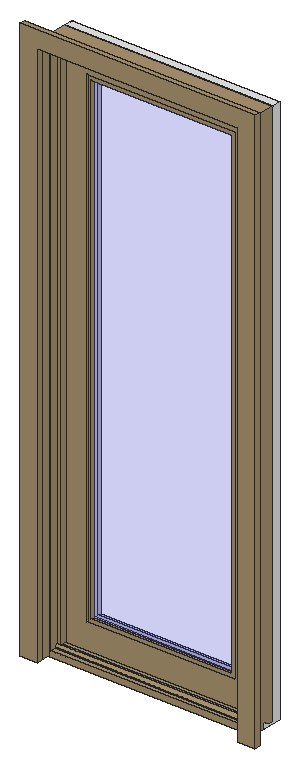
Revit family "Door-Out-Swing-Pella-Architect-Contemporary-Single-RT3", category Doors, host Wall, Revit 2013
Parameters (values of type "default load type catalog")
  Warranty = "https://content.pella.com/cs/groups/public/documents/document/mdaw/mde3/~edisp/pel-017828.pdf?_ga=1.89380059.1797906072.1467308852"
  Wall Thickness [instance] = 0' - 6"
  Vertical Mullions = if(and(Traditional Lites Wide < Max Lites, Traditional Lites Wide > 2), Traditional Lites Wide - 1, if(or(Traditional Lites Wide = Max Lites, Traditional Lites Wide > Max Lites), Max Lites - 1, 2))  # 2
  Vertical Grille Spacing = Panel Grille Width / (Vertical Mullions + 1)  # 0' - 8 1/8"
  Vertical Grille Offset = Vertical Grille Spacing  # 0' - 8 1/8"
  URL = "http://professional.pella.com"
  Type Comments = if(Fixed, "One Panel; Fixed", "One Panel; Vent")  # "One Panel; Fixed"
  Trim = yes
  Traditional Lites Wide = 2
  Traditional Lites High = 2
  Traditional Grille Vertical Array = and(Traditional Lites Wide > 2, Traditional Grille)  # no
  Traditional Grille Single Vertical = and(Traditional Lites Wide = 2, Traditional Grille)  # no
  Traditional Grille Horizontal Array = and(Traditional Lites High > 2, Traditional Grille)  # no
  Traditional Grille = no
  Traditioinal Grille Single Horizontal = and(Traditional Lites High = 2, Traditional Grille)  # no
  Thickness = 0' - 5 55/64"  # constant formula
  Specification = "http://media.pella.com/professional/adm/Wood-CSI_Specs/08213.rtf"
  Sill Height = 0' - 5 7/8"  # constant formula
  Rough Width = Width + 0' 0 3/4"  # 3' - 0 3/4"
  Rough Height = Height + 0' 0 3/4"  # 8' - 0 3/4"
  Requested Width = 3' - 0"
  Requested Height = 8' - 0"
  Product Page URL = "http://professional.pella.com/doors/product-details/out-swing-patio-architect"
  Product Name = "Architect Series"  # constant formula
  Product Documentation Link = "http://media.pella.com/professional/adm/Clad-Wood/OS_ASCWSZTAB.pdf"
  Prairie Offset = 0' - 3 11/16"  # constant formula
  Prairie Grille = no
  Panel Width = Width - 0' 2 1/8"  # 2' - 9 7/8"
  Panel Grille Width = Width - 0' 11 5/8"  # 2' - 0 3/8"
  Operation = if(Fixed, "Fixed", "Out-Swing")  # "Fixed"
  Operable = not(Fixed)  # no
  Model = if(Fixed, "Contemporary Fixed X", "Contemporary Operable O")  # "Contemporary Fixed X"
  Min Width = 2' - 1 3/8"  # constant formula
  Min Height = 6' - 7 1/2"  # constant formula
  Max Width = 3' - 1 7/8"  # constant formula
  Max Lites = 10  # constant formula
  Max Height = 9' - 11 1/2"  # constant formula
  Manufacturer = "Pella"  # constant formula
  Jamb Extensions = yes
  Jamb Extensions Depth [instance] = if(Jamb Extensions Calc > 0' 0 1/8", Jamb Extensions Calc, 0' 0 1/8")  # 0' - 1 7/16"
  Jamb Extensions Calc [instance] = if(Offset > 0' 0", Wall Thickness - 0' 4 9/16" + Offset, Wall Thickness - 0' 4 9/16" - Inset)  # 0' - 1 7/16"
  Interior Sill = Wood-Pella-Interior_Sill
  Offset = 0' - 0"
  Nail Fin = yes
  Interior Finish = Wood-Pella-Pine
  Inset = 0' - 0"
  Horizontal Mullions = if(and(Traditional Lites High < Max Lites, Traditional Lites High > 3), Traditional Lites High - 1, if(or(Traditional Lites High = Max Lites, Traditional Lites High > Max Lites), Max Lites - 1, 2))  # 2
  Horizontal Grille Spacing = Grille Height / (Horizontal Mullions + 1)  # 2' - 3 15/16"
  Horizontal Grille Offset = Horizontal Grille Spacing  # 2' - 3 15/16"
  Grille Width = 0' - 0 7/8"  # constant formula
  Grille Height = Height - (Sill Height + 0' 6 5/16")  # 6' - 11 13/16"
  Glass Thickness = 0' - 0 103/128"  # constant formula
  Glass = Glass-Pella-Low_E-Argon
  Function = Interior
  Frame Projection Ext. = 0' - 1"
  Frame Projection Int. = 0' - 1"
  Frame Width = 0' - 3"
  Height = if(and(Requested Height < Max Height, Requested Height > Min Height), Requested Height, if(or(Requested Height = Max Height, Requested Height > Max Height), Max Height, Min Height))  # 8' - 0"
  Wall Closure = By host
  Width = if(and(Requested Width < Max Width, Requested Width > Min Width), Requested Width, if(or(Requested Width = Max Width, Requested Width > Max Width), Max Width, Min Width))  # 3' - 0"
  Fixed = yes
  Exterior Finish = Aluminum-Pella-EnduraClad-White
  Energy Star = "http://www.pella.com/features-options/energy-efficiency/energy-star/"
  Description = if(Fixed, "Fixed Patio Door", "Out-Swing Patio Door")  # "Fixed Patio Door"
  Assembly Code = "B2030130"
Reference planes (in)
  plane 1 "Center (Front/Back)": y = 0
  plane 2 "Center (Left/Right)": x = 0
  plane 3 "Left": x = -18
  plane 4 "Right": x = 18
  plane 5 "Top": z = 96
  plane 6 "Exterior": y = 3
  plane 7 "Interior": y = -3
  plane 8 "Nail Fin": y = 3
  plane 9 "Front": y = 4.29609
  plane 10 "Back": y = -1.56329
  plane 11 "Inset": y = 3
  plane 12 "Glass Left": x = -12.68812
  plane 13 "Glass Right": x = 12.68812
  plane 14 "Grille Left": x = -12.18762
  plane 15 "Grille Right": x = 12.18762
  plane 16 "Glass Bottom": z = 5.875
  plane 17 "Grille Bottom": z = 6.3755
  plane 18 "Glass Top": z = 90.68812
  plane 19 "Grille Top": z = 90.18762
  plane 20 "Glass Front": y = 2.57609
  plane 21 "Glass Back": y = 1.7714
  plane 22 "Jamb Extensions": y = -1.5625
  plane 23 "Front of Panel": y = 3.18973
Forms (in)
  Extrusion 1, solid, material "Wood-Pella-Pine" <- "Interior Finish", visible <- "Trim"
    sketch origin (-90, -3, 0) x (1, 0, 0) y (0, 0, 1)
      loop
        line (72.625, 0) -> (72.625, 95.375) -> (107.375, 95.375) -> (107.375, 0) -> (110.375, 0) -> (110.375, 98.375) -> (69.625, 98.375) -> (69.625, 0) -> (72.625, 0)
    from 0 to 1
  Extrusion 2, solid, material "Wood-Pella-Pine" <- "Interior Finish", detail levels medium+fine
    sketch origin (0, 0, 0) x (0, 1, 0) y (0, 0, 1)
      loop
        line (-1.56329, 0) -> (0.83279, 0) -> (0.83279, 1.523) -> (0.21469, 1.523) -> (0.06871, 1.633) -> (-0.30629, 1.633) -> (-0.72029, 1.219) -> (-0.72029, 1) -> (-1.56329, 1) -> (-1.56329, 0)
    from -18 to 18
  Extrusion 3, solid, material "Aluminum-Pella-EnduraClad-White" <- "Exterior Finish", detail levels medium+fine
    sketch origin (0, 0, 0) x (0, 1, 0) y (0, 0, 1)
      loop
        line (4.29609, 0) -> (4.29609, 0.3) -> (1.9129, 0.3) -> (1.0619, 0.926) -> (0.83279, 0.926) -> (0.83279, 0) -> (4.29609, 0)
    from -18 to 18
  Extrusion 4, solid, material "Aluminum-Pella-EnduraClad-White" <- "Exterior Finish", visible <- "Fixed", detail levels fine
    sketch origin (0, 0, 0) x (0, 1, 0) y (0, 0, 1)
      loop
        line (2.62512, 0.31648) -> (2.62512, 1.1875) -> (1.65858, 1.1875) -> (1.65858, 0.31648) -> (2.62512, 0.31648)
    from -16.93842 to 16.93842
  Extrusion 5, solid, material "Wood-Pella-Pine" <- "Interior Finish", detail levels medium+fine
    sketch origin (0, 0, 0) x (0, 1, 0) y (0, 0, 1)
      loop
        line (1.12271, 1.1875) -> (2.59968, 1.1875) -> (2.59968, 5.6975) -> (1.75671, 5.6975) -> (1.75671, 6.37635) -> (1.22471, 6.34847) -> (1.22471, 5.6975) -> (1.12271, 5.6975) -> (1.12271, 1.1875)
    from -16.77933 to 16.77933
  Extrusion 6, solid, material "Aluminum-Pella-EnduraClad-White" <- "Exterior Finish", detail levels medium+fine
    sketch origin (0, 0, 0) x (0, 1, 0) y (0, 0, 1)
      loop
        line (2.59968, 1.1875) -> (3.18973, 1.1875) -> (3.18973, 6.3755) -> (2.59968, 6.3755) -> (2.59968, 1.1875)
    from -16.77933 to 16.77933
  Sweep 7, solid, material "Wood-Pella-Pine" <- "Interior Finish", detail levels medium+fine
    path origin (0, 4.29609, 0) x (-1, 0, 0) y (0, 0, 1)
      loop
        line (18, 0) -> (18, 96) -> (-18, 96) -> (-18, 0)
    profile origin (-18, 4.29609, 48) x (1, 0, 0) y (0, 1, 0)
      loop
        line (0, -5.85937) -> (1.06158, -5.85937) -> (1.06158, -4.60574) -> (1.657, -4.60574) -> (1.657, -3.48074) -> (1.06158, -3.48074) -> (1.06158, -1.53449) -> (0, -1.53449) -> (0, -5.85937)
  Sweep 8, solid, material "Wood-Pella-Pine" <- "Interior Finish", detail levels medium+fine
    path origin (0, 4.29609, 0) x (-1, 0, 0) y (0, 0, 1)
      loop
        line (18, 1.1875) -> (18, 96) -> (-18, 96) -> (-18, 1.1875)
    profile origin (-18, 4.29609, 48.59375) x (1, 0, 0) y (0, 1, 0)
      loop
        line (1.22067, -3.17337) -> (5.13438, -3.17337) -> (5.13438, -3.07341) -> (5.78535, -3.07341) -> (5.81323, -2.54141) -> (5.13438, -2.54141) -> (5.13438, -1.69844) -> (1.22067, -1.69844) -> (1.22067, -3.17337)
  Sweep 9, solid, material "Aluminum-Pella-EnduraClad-White" <- "Exterior Finish", detail levels medium+fine
    path origin (0, 4.29609, 0) x (-1, 0, 0) y (0, 0, 1)
      loop
        line (18, 1.1875) -> (18, 96) -> (-18, 96) -> (-18, 1.1875)
    profile origin (-18, 4.29609, 48.59375) x (1, 0, 0) y (0, 1, 0)
      loop
        line (1.22067, -1.69641) -> (5.81238, -1.69641) -> (5.81238, -1.10887) -> (1.22067, -1.10887) -> (1.22067, -1.69641)
  Sweep 10, solid, material "Aluminum-Pella-EnduraClad-White" <- "Exterior Finish", detail levels medium+fine
    path origin (0, 4.29609, 0) x (-1, 0, 0) y (0, 0, 1)
      loop
        line (18, 0) -> (18, 96) -> (-18, 96) -> (-18, 0)
    profile origin (-18, 4.29609, 48) x (1, 0, 0) y (0, 1, 0)
      loop
        line (1.06158, -1.53449) -> (1.06158, -1.11236) -> (0.79016, -1.11236) -> (0.79016, -0.05585) -> (0.56008, -0.05585) -> (0.3844, 0) -> (0.197, 0) -> (0.197, -0.39299) -> (0.09, -0.39299) -> (0.09, -0.03953) -> (0, -0.03953) -> (0, -1.53449) -> (1.06158, -1.53449)
  Extrusion 11, solid, material "Glass-Pella-Low_E-Argon" <- "Glass"
    sketch origin (0, 0, 0) x (1, 0, 0) y (0, 1, 0)
      loop
        line (-12.68812, 1.7714) -> (12.68812, 1.7714) -> (12.68812, 2.57609) -> (-12.68812, 2.57609) -> (-12.68812, 1.7714)
    from 5.875 to 90.68812
  Extrusion 12, solid, material "Aluminum-Pella-EnduraClad-White" <- "Exterior Finish", detail levels coarse
    sketch origin (0, 2.57609, 0) x (-1, 0, 0) y (0, 0, 1)
      loop
        line (-18, 0) -> (18, 0) -> (18, 96) -> (-18, 96) -> (-18, 0)
      loop
        line (-16.9375, 1.0625) -> (16.93842, 1.0625) -> (16.93842, 94.9375) -> (-16.9375, 94.9375) -> (-16.9375, 1.0625)
    from 0.42391 to 1.72
  Extrusion 13, solid, material "Wood-Pella-Pine" <- "Interior Finish", detail levels coarse
    sketch origin (0, 0, 0) x (1, 0, 0) y (0, 0, 1)
      loop
        line (-16.93842, 1.219) -> (16.93842, 1.219) -> (16.93842, 94.93842) -> (-16.93842, 94.93842) -> (-16.93842, 1.219)
      loop
        line (-18, 0) -> (18, 0) -> (18, 96) -> (-18, 96) -> (-18, 0)
    from -3 to 1.56329
  Extrusion 14, solid, material "Aluminum-Pella-EnduraClad-White" <- "Exterior Finish", detail levels coarse
    sketch origin (0, 2.57609, 0) x (-1, 0, 0) y (0, 0, 1)
      loop
        line (-12.18762, 6.3755) -> (12.18762, 6.3755) -> (12.18762, 90.18762) -> (-12.18762, 90.18762) -> (-12.18762, 6.3755)
      loop
        line (-16.9375, 1.0625) -> (16.93842, 1.0625) -> (16.93842, 94.9375) -> (-16.9375, 94.9375) -> (-16.9375, 1.0625)
    from -1.45134 to 0.61112
  Sweep 15, solid, material "Wood-Pella-Pine" <- "Interior Finish", visible <- "Jamb Extensions"
    path origin (0, -3, 0) x (1, 0, 0) y (0, 0, 1)
      loop
        line (18, 0) -> (18, 96) -> (-18, 96) -> (-18, 0)
    profile origin (-18, -3, 48) x (0, -1, 0) y (1, 0, 0)
      loop
        line (0, 0) -> (0, 0.625) -> (-1.4375, 0.625) -> (-1.4375, 0) -> (0, 0)
Cuts and joins
  joined: Extrusion 2, Sweep 7
  joined: Extrusion 5, Sweep 8
  joined: Extrusion 6, Sweep 9
  joined: Extrusion 3, Sweep 10
Lines and regions (in)
  Opening 1
    outline origin (-90, -3, 0) x (1, 0, 0) y (0, 0, 1)
      loop
        line (72, 0) -> (108, 0) -> (108, 96) -> (72, 96) -> (72, 0)
  Masking region 1, detail levels coarse
    outline origin (0, 0, 0) x (1, 0, 0) y (0, 1, 0)
      loop
        line (-12.18762, 1.7714) -> (12.18762, 1.7714) -> (12.18762, 2.57609) -> (-12.18762, 2.57609) -> (-12.18762, 1.7714)
  Masking region 2, detail levels medium+fine
    outline origin (0, 0, 0) x (1, 0, 0) y (0, 1, 0)
      loop
        line (-12.68812, 2.57609) -> (-12.68812, 2.41984) -> (12.68812, 2.41984) -> (12.68812, 2.57609) -> (-12.68812, 2.57609)
      loop
        line (-12.68812, 1.92765) -> (-12.68812, 1.7714) -> (12.68812, 1.7714) -> (12.68812, 1.92765) -> (-12.68812, 1.92765)
  Masking region 3, detail levels medium+fine
    outline origin (0, 0, 0) x (0, 1, 0) y (0, 0, 1)
      loop
        line (2.57609, 90.68812) -> (2.41984, 90.68812) -> (2.41984, 5.875) -> (2.57609, 5.875) -> (2.57609, 90.68812)
      loop
        line (1.7714, 5.875) -> (1.92765, 5.875) -> (1.92765, 90.68812) -> (1.7714, 90.68812) -> (1.7714, 5.875)
  Masking region 4, detail levels coarse
    outline origin (0, 0, 0) x (0, 1, 0) y (0, 0, 1)
      loop
        line (2.57609, 6.3755) -> (2.57609, 90.18762) -> (1.7714, 90.18762) -> (1.7714, 6.3755) -> (2.57609, 6.3755)
  Masking region 5, visible <- "Jamb Extensions"
    outline origin (0, 0, 6.3755) x (0, 1, 0) y (-1, 0, 0)
      loop
        line (-3, 18) -> (-3, 17.375) -> (-1.5625, 17.375) -> (-1.5625, 18) -> (-3, 18)
      loop
        line (-3, -17.375) -> (-3, -18) -> (-1.5625, -18) -> (-1.5625, -17.375) -> (-3, -17.375)
  Masking region 6
    outline origin (-12.68812, 0, 0) x (0, -1, 0) y (0, 0, 1)
      loop
        line (1.5625, 95.375) -> (3, 95.375) -> (3, 96) -> (1.5625, 96) -> (1.5625, 95.375)
  symbolic lines, visible <- "Operable"
    curve 1: line (16.9375, 3.18721, 6.3755) -> (14.875, 3.18721, 6.3755)
    curve 2: line (16.9375, 37.06221, 6.3755) -> (16.9375, 3.18721, 6.3755)
    curve 3: line (14.875, 37.06221, 6.3755) -> (16.9375, 37.06221, 6.3755)
    curve 4: line (14.875, 3.18721, 6.3755) -> (14.875, 37.06221, 6.3755)
  symbolic lines, style "Elevation Swing", visible <- "Operable"
    curve 5: arc (16.9375, 37.06221, 6.3755) -> (-7.01574, 27.14046, 6.3755) -> (-16.9375, 3.18721, 6.3755) r 33.875
    curve 6: line (-18, 3, 0) -> (18, 3, 48)
    curve 7: line (18, 3, 48) -> (-18, 3, 96)
  model lines
    curve 8: line (12.18762, 3.18973, 6.3755) -> (-12.18762, 3.18973, 6.3755)
    curve 9: line (12.18762, 3.18973, 90.18762) -> (12.18762, 3.18973, 6.3755)
    curve 10: line (-12.18762, 3.18973, 90.18762) -> (12.18762, 3.18973, 90.18762)
    curve 11: line (-12.18762, 3.18973, 6.3755) -> (-12.18762, 3.18973, 90.18762)
Text (in)
  text "Exterior" at (-74.96733, 45.94726, 0), in view "Ref. Level"
  text "Interior" at (-74.96733, -25.14366, 0), in view "Ref. Level"
  text "Exterior" at (0, 40.15149, 123.01588), in view "Right"
  text "Interior" at (0, -64.39139, 123.01588), in view "Right"
  text "Interior" at (0, -31.01599, 123.00693), in view "Left"
  text "Exterior" at (0, 54.57065, 123.00693), in view "Left"
Dimensions and locks (in)
  equal spacing: plane 3 "Left", plane 2 "Center (Left/Right)", plane 4 "Right"
  "Height": level to plane 5 "Top"
  "Width": plane 3 "Left" to plane 4 "Right"
  "Frame Width": Extrusion 1 sketch curve to Extrusion 1 sketch curve  (x3)
  equal spacing: host wall, curve 7, plane 5 "Top"
  "Frame Projection Int.": Extrusion 1 to host wall
  "Thickness": plane 9 "Front" to plane 10 "Back"
  locked: plane 9 "Front" to plane 8 "Nail Fin" at 1.29609
  "Offset": plane 8 "Nail Fin" to plane 11 "Inset"
  "Inset": plane 6 "Exterior" to plane 11 "Inset"
  plane 15 "Grille Right" to plane 13 "Glass Right" to plane 4 "Right" = 0' - 0.5005" locked, 0' - 5.31188" locked
  plane 3 "Left" to plane 12 "Glass Left" to plane 14 "Grille Left" = 0' - 5.31188" locked, 0' - 0.5005" locked
  "Sill Height": plane 16 "Glass Bottom" to level
  locked: plane 17 "Grille Bottom" to plane 16 "Glass Bottom" at 0.5005
  plane 19 "Grille Top" to plane 18 "Glass Top" to plane 5 "Top" = 0' - 0.5005" locked, 0' - 5.31188" locked
  locked: plane 9 "Front" to plane 20 "Glass Front" at 1.72
  locked: plane 20 "Glass Front" to Masking region 2 sketch curve at 0.15625
  locked: Masking region 2 sketch curve to plane 21 "Glass Back" at 0.15625
  locked: plane 20 "Glass Front" to Masking region 3 sketch curve at 0.15625
  locked: Masking region 3 sketch curve to plane 21 "Glass Back" at 0.15625
  Extrusion 2 sketch curve to Extrusion 2 sketch curve to Extrusion 2 sketch curve to Extrusion 2 sketch curve to level = 0' - 0.11" locked, 0' - 0.304" locked, 0' - 0.219" locked, 0' - 1" locked
  Extrusion 2 sketch curve to Extrusion 2 sketch curve to Extrusion 2 sketch curve to Extrusion 2 sketch curve to Extrusion 2 sketch curve to plane 10 "Back" = 0' - 0.6181" locked, 0' - 0.14597" locked, 0' - 0 3/8" locked, 0' - 0.414" locked, 0' - 0.843" locked
  Extrusion 3 sketch curve to Extrusion 3 sketch curve to level = 0' - 0.626" locked, 0' - 0.3" locked
  plane 9 "Front" to Extrusion 3 sketch curve to Extrusion 3 sketch curve to Extrusion 3 sketch curve = 0' - 2.38319" locked, 0' - 0.851" locked, 0' - 0.22911" locked
  Extrusion 4 sketch curve to Extrusion 4 sketch curve to level = 0' - 0.87102" locked, 0' - 0.31648" locked
  plane 9 "Front" to Extrusion 4 sketch curve to Extrusion 4 sketch curve = 0' - 1.67097" locked, 0' - 0.96654" locked
  Extrusion 5 sketch curve to Extrusion 5 sketch curve to plane 16 "Glass Bottom" to Extrusion 5 sketch curve to Extrusion 5 sketch curve = 0' - 0.02788" locked, 0' - 0.47347" locked, 0' - 0.1775" locked, 0' - 0" locked
  locked: Extrusion 5 sketch curve to level at 1.1875
  Extrusion 5 sketch curve to Extrusion 5 sketch curve to Extrusion 5 sketch curve to Extrusion 5 sketch curve to plane 10 "Back" = 0' - 0.84297" locked, 0' - 0.532" locked, 0' - 0.102" locked, 0' - 2.686" locked
  locked: Extrusion 6 sketch curve to level at 1.1875
  locked: plane 16 "Glass Bottom" to Extrusion 6 sketch curve at 0.5005
  plane 9 "Front" to Extrusion 6 sketch curve to Extrusion 6 sketch curve = 0' - 1.10635" locked, 0' - 0.59005" locked
  Sweep 7 sketch curve to Sweep 7 sketch curve to Sweep 7 sketch curve to plane 10 "Back" = 0' - 1.94625" locked, 0' - 1 1/8" locked, 0' - 1.25363" locked
  plane 3 "Left" to Sweep 7 sketch curve to Sweep 7 sketch curve to Sweep 7 sketch curve = 0' - 1.06158" locked, 0' - 0" locked, 0' - 0.59542" locked
  plane 3 "Left" to Extrusion 4 to Extrusion 5 to Extrusion 6 = 0' - 1.06158" locked, 0' - 0.15909" locked, 0' - 0" locked
  plane 4 "Right" to Extrusion 4 to Extrusion 5 to Extrusion 6 = 0' - 1.06158" locked, 0' - 0.15909" locked, 0' - 0" locked
  level to Sweep 8 sketch curve to Sweep 8 sketch curve = 0' - 1 3/16" locked, 0' - 0" locked
  Sweep 8 sketch curve to Sweep 8 sketch curve to Sweep 8 sketch curve to Sweep 8 sketch curve to plane 10 "Back" = 0' - 0.84297" locked, 0' - 0.532" locked, 0' - 0.09997" locked, 0' - 2.686" locked
  plane 3 "Left" to Sweep 8 sketch curve to Sweep 8 sketch curve to Sweep 8 sketch curve to Sweep 8 sketch curve to Sweep 8 sketch curve = 0' - 1.22067" locked, 0' - 3.91371" locked, 0' - 0" locked, 0' - 0.65097" locked, 0' - 0.02788" locked
  level to Sweep 9 sketch curve to Sweep 9 sketch curve = 0' - 1 3/16" locked, 0' - 0" locked
  plane 9 "Front" to Sweep 9 sketch curve to Sweep 9 sketch curve = 0' - 1.10887" locked, 0' - 0.58753" locked
  plane 3 "Left" to Sweep 9 sketch curve to Sweep 9 sketch curve = 0' - 1.22067" locked, 0' - 4.59171" locked
  plane 3 "Left" to Sweep 10 sketch curve to Sweep 10 sketch curve to Sweep 10 sketch curve to Sweep 10 sketch curve to Sweep 10 sketch curve to Sweep 10 sketch curve = 0' - 0.09" locked, 0' - 0.107" locked, 0' - 0.1874" locked, 0' - 0.17569" locked, 0' - 0.23007" locked, 0' - 0.27142" locked
  plane 9 "Front" to Sweep 10 sketch curve to Sweep 10 sketch curve to Sweep 10 sketch curve to Sweep 10 sketch curve to Sweep 10 sketch curve = 0' - 0.03953" locked, 0' - 0.01633" locked, 0' - 0.33714" locked, 0' - 0.71936" locked, 0' - 0.42214" locked
  "Glass Thickness": plane 20 "Glass Front" to plane 21 "Glass Back"
  "Prairie Offset": plane 14 "Grille Left" to nested 5
  "Prairie Offset": nested 6 to plane 15 "Grille Right"
  "Prairie Offset": plane 17 "Grille Bottom" to nested 7
  "Prairie Offset": nested 8 to plane 19 "Grille Top"
  equal spacing: plane 17 "Grille Bottom", nested 9, plane 19 "Grille Top"
  group 1 to group 2 = 0' - 0"  (x2)
  group 1 to group 2 = 2' - 3 15/16"
  "Horizontal Grille Offset": plane 17 "Grille Bottom" to nested 11
  "Horizontal Grille Spacing": nested 11 to nested 12
  group 4 to group 3 = 0' - 8 1/8"
  group 3 to group 4 = 0' - 0"  (x2)
  locked: nested 14 to plane 17 "Grille Bottom" at 0
  locked: nested 13 to plane 17 "Grille Bottom" at 0
  "Vertical Grille Offset": nested 13 to plane 15 "Grille Right"
  "Vertical Grille Spacing": nested 14 to nested 13
  locked: level to Extrusion 12 sketch curve at 1.0625
  locked: Extrusion 12 sketch curve to plane 5 "Top" at 1.0625
  locked: Extrusion 12 sketch curve to plane 4 "Right" at 1.0625
  locked: plane 3 "Left" to Extrusion 12 sketch curve at 1.06158
  locked: Extrusion 13 sketch curve to level at 1.219
  locked: plane 5 "Top" to Extrusion 13 sketch curve at 1.06158
  locked: plane 3 "Left" to Extrusion 13 sketch curve at 1.06158
  locked: Extrusion 13 sketch curve to plane 4 "Right" at 1.06158
  locked: Extrusion 14 sketch curve to plane 5 "Top" at 1.0625
  locked: level to Extrusion 14 sketch curve at 1.0625
  locked: Extrusion 14 sketch curve to plane 4 "Right" at 1.0625
  locked: plane 3 "Left" to Extrusion 14 sketch curve at 1.06158
  plane 9 "Front" to Extrusion 14 to Extrusion 14 = 0' - 1.10888" locked, 0' - 2.06247" locked
  curve 4 to curve 2 to plane 4 "Right" = 0' - 2 1/16" locked, 0' - 1 1/16" locked
  locked: curve 1 to plane 20 "Glass Front" at 0.61112
  "Panel Width": curve 3 to curve 1
  "Jamb Extensions Depth": plane 22 "Jamb Extensions" to host wall
  locked: plane 3 "Left" to Sweep 15 sketch curve at 0.625
  locked: plane 3 "Left" to Masking region 5 sketch curve at 0.625
  locked: Masking region 5 sketch curve to plane 4 "Right" at 0.625
  locked: Masking region 6 sketch curve to plane 5 "Top" at 0.625
  locked: plane 4 "Right" to Extrusion 1 sketch curve at 0.625
  locked: plane 3 "Left" to Extrusion 1 sketch curve at 0.625
  locked: Extrusion 1 sketch curve to plane 5 "Top" at 0.625
  "Wall Thickness": host wall to host wall
  locked: plane 23 "Front of Panel" to plane 20 "Glass Front" at 0.61365
  aligned and locked: plane 3 "Left" to Opening 1 sketch curve
  aligned and locked: plane 5 "Top" to Opening 1 sketch curve  (x2)
  aligned and locked: Opening 1 sketch curve to plane 4 "Right"
  aligned and locked: Opening 1 sketch curve to level
  aligned and locked: level to Extrusion 1 sketch curve
  aligned and locked: Extrusion 1 sketch curve to level
  aligned and locked: Extrusion 1 to host wall
  aligned and locked: plane 6 "Exterior" to host wall
  aligned and locked: plane 7 "Interior" to host wall
  aligned and locked: nested 1 to plane 8 "Nail Fin"
  aligned and locked: plane 3 "Left" to nested 1
  aligned and locked: plane 8 "Nail Fin" to nested 2
  aligned and locked: plane 4 "Right" to nested 2
  aligned and locked: nested 4 to plane 8 "Nail Fin"
  aligned and locked: nested 4 to plane 5 "Top"
  aligned and locked: plane 14 "Grille Left" to Masking region 1 sketch curve
  aligned and locked: Masking region 1 sketch curve to plane 15 "Grille Right"
  aligned and locked: Masking region 1 sketch curve to plane 21 "Glass Back"
  aligned and locked: plane 20 "Glass Front" to Masking region 1 sketch curve
  aligned and locked: plane 21 "Glass Back" to Masking region 2 sketch curve
  aligned and locked: Masking region 2 sketch curve to plane 20 "Glass Front"
  aligned and locked: plane 20 "Glass Front" to Masking region 3 sketch curve
  aligned and locked: Masking region 3 sketch curve to plane 21 "Glass Back"
  aligned and locked: Masking region 3 sketch curve to plane 16 "Glass Bottom"  (x2)
  aligned and locked: plane 18 "Glass Top" to Masking region 3 sketch curve  (x2)
  aligned and locked: plane 12 "Glass Left" to Masking region 2 sketch curve
  aligned and locked: Masking region 2 sketch curve to plane 12 "Glass Left"
  aligned and locked: plane 13 "Glass Right" to Masking region 2 sketch curve  (x2)
  aligned and locked: Masking region 4 sketch curve to plane 20 "Glass Front"
  aligned and locked: plane 21 "Glass Back" to Masking region 4 sketch curve
  aligned and locked: Masking region 4 sketch curve to plane 19 "Grille Top"
  aligned and locked: plane 17 "Grille Bottom" to Masking region 4 sketch curve
  aligned and locked: Extrusion 2 sketch curve to level
  aligned and locked: Extrusion 2 sketch curve to plane 10 "Back"
  aligned and locked: Extrusion 3 sketch curve to level
  aligned and locked: plane 9 "Front" to Extrusion 3 sketch curve
  aligned and locked: plane 3 "Left" to Extrusion 2
  aligned and locked: Extrusion 2 to plane 4 "Right"
  aligned and locked: Extrusion 3 to plane 4 "Right"
  aligned and locked: plane 3 "Left" to Extrusion 3
  aligned and locked: Sweep 7 sketch curve to plane 5 "Top"
  aligned and locked: Sweep 7 sketch curve to plane 4 "Right"
  aligned and locked: plane 3 "Left" to Sweep 7 sketch curve  (x2)
  aligned and locked: level to Sweep 7 sketch curve  (x2)
  aligned and locked: Sweep 7 sketch curve to plane 10 "Back"
  aligned and locked: Sweep 8 sketch curve to plane 4 "Right"
  aligned and locked: plane 3 "Left" to Sweep 8 sketch curve
  aligned and locked: Sweep 8 sketch curve to plane 5 "Top"
  aligned and locked: Sweep 9 sketch curve to plane 4 "Right"
  aligned and locked: plane 3 "Left" to Sweep 9 sketch curve
  aligned and locked: Sweep 9 sketch curve to plane 5 "Top"
  aligned and locked: Sweep 10 sketch curve to plane 5 "Top"
  aligned and locked: Sweep 10 sketch curve to plane 4 "Right"
  aligned and locked: plane 3 "Left" to Sweep 10 sketch curve
  aligned and locked: level to Sweep 10 sketch curve  (x2)
  aligned and locked: Sweep 10 sketch curve to plane 3 "Left"
  aligned and locked: Sweep 10 sketch curve to plane 9 "Front"
  aligned and locked: Extrusion 11 sketch curve to plane 13 "Glass Right"
  aligned and locked: plane 20 "Glass Front" to Extrusion 11 sketch curve
  aligned and locked: Extrusion 11 sketch curve to plane 21 "Glass Back"
  aligned and locked: plane 12 "Glass Left" to Extrusion 11 sketch curve
  aligned and locked: Extrusion 11 to plane 16 "Glass Bottom"
  aligned and locked: plane 18 "Glass Top" to Extrusion 11
  aligned and locked: plane 20 "Glass Front" to nested 5
  aligned and locked: plane 20 "Glass Front" to nested 6
  aligned and locked: plane 17 "Grille Bottom" to nested 6
  aligned and locked: plane 17 "Grille Bottom" to nested 5
  aligned and locked: plane 20 "Glass Front" to nested 7
  aligned and locked: nested 7 to plane 15 "Grille Right"
  aligned and locked: nested 8 to plane 15 "Grille Right"
  aligned and locked: plane 20 "Glass Front" to nested 8
  aligned and locked: plane 14 "Grille Left" to nested 9
  aligned and locked: plane 20 "Glass Front" to nested 9
  aligned and locked: plane 17 "Grille Bottom" to nested 10
  aligned and locked: plane 14 "Grille Left" to nested 11
  aligned and locked: plane 14 "Grille Left" to nested 12
  aligned and locked: plane 20 "Glass Front" to nested 12
  aligned and locked: plane 20 "Glass Front" to nested 11
  aligned and locked: plane 20 "Glass Front" to nested 13
  aligned and locked: plane 17 "Grille Bottom" to nested 13
  aligned and locked: plane 20 "Glass Front" to nested 14
  aligned and locked: plane 2 "Center (Left/Right)" to nested 10
  aligned and locked: plane 20 "Glass Front" to nested 10
  aligned and locked: plane 9 "Front" to nested 3
  aligned and locked: nested 3 to cut or joined group of Extrusion 3, Sweep 10
  aligned and locked: plane 3 "Left" to Extrusion 12 sketch curve
  aligned and locked: Extrusion 12 sketch curve to plane 5 "Top"
  aligned and locked: Extrusion 12 sketch curve to plane 4 "Right"
  aligned and locked: Extrusion 12 sketch curve to level
  aligned and locked: Extrusion 12 to plane 8 "Nail Fin"
  aligned and locked: plane 9 "Front" to Extrusion 12
  aligned and locked: Extrusion 13 sketch curve to plane 5 "Top"
  aligned and locked: Extrusion 13 sketch curve to plane 4 "Right"
  aligned and locked: plane 3 "Left" to Extrusion 13 sketch curve
  aligned and locked: Extrusion 13 sketch curve to level
  aligned and locked: plane 8 "Nail Fin" to Extrusion 13
  aligned and locked: Extrusion 13 to plane 10 "Back"
  aligned and locked: Extrusion 14 sketch curve to plane 17 "Grille Bottom"
  aligned and locked: plane 14 "Grille Left" to Extrusion 14 sketch curve
  aligned and locked: Extrusion 14 sketch curve to plane 15 "Grille Right"
  aligned and locked: plane 19 "Grille Top" to Extrusion 14 sketch curve
  aligned and locked: Extrusion 14 to curve 5
  aligned and locked: plane 3 "Left" to Sweep 15 sketch curve  (x2)
  aligned and locked: Sweep 15 sketch curve to plane 4 "Right"
  aligned and locked: Sweep 15 sketch curve to plane 5 "Top"
  aligned and locked: level to Sweep 15 sketch curve  (x2)
  aligned and locked: host wall to Sweep 15 sketch curve
  aligned and locked: plane 22 "Jamb Extensions" to Sweep 15 sketch curve
  aligned and locked: plane 22 "Jamb Extensions" to Masking region 5 sketch curve  (x2)
  aligned and locked: host wall to Masking region 5 sketch curve  (x2)
  aligned and locked: plane 3 "Left" to Masking region 5 sketch curve
  aligned and locked: Masking region 5 sketch curve to plane 4 "Right"
  aligned and locked: Masking region 6 sketch curve to plane 5 "Top"
  aligned and locked: plane 22 "Jamb Extensions" to Masking region 6 sketch curve
  aligned and locked: host wall to Masking region 6 sketch curve
  aligned and locked: plane 4 "Right" to curve 7
  aligned and locked: level to curve 6
  aligned and locked: plane 3 "Left" to curve 6
  aligned and locked: plane 3 "Left" to curve 7
  aligned and locked: plane 5 "Top" to curve 7
  aligned and locked: plane 19 "Grille Top" to curve 10
  aligned and locked: plane 14 "Grille Left" to curve 11
  aligned and locked: curve 9 to plane 15 "Grille Right"
  aligned and locked: curve 8 to plane 17 "Grille Bottom"
Automatic sketch dimensions
  Extrusion 1 sketch curve to level = 0' - 0"
Nested families (in)
  nested 1: "Nested-Pella-Architect-OS-Jamb" at (-18, 3.51936, 0) x (0, -1, 0) z (0, 0, 1), type "Jamb"
  nested 2: "Nested-Pella-Architect-OS-Jamb" at (18, 3.51936, 0) x (0, -1, 0) z (0, 0, 1), type "Jamb"
  nested 3: "Nested-Pella-Architect-OS-Sill" at (0, 3.53872, 0) x (0, -1, 0) z (1, 0, 0), type "Sill"
    with Thickness 0' - 5 55/64", Glass Offset 0' - 5 7/8"
  nested 4: "Nested-Pella-Architect-OS-Head" at (0, 3.51936, 96) x (0, -1, 0) z (1, 0, 0), type "Head"
  nested 5: "Nested-Mullion-Pella" at (-8.50012, 2.17375, 6.3755), visible <- "Prairie Grille", type "Vertical Mullion"
    with Height 6' - 11 13/16"
  nested 6: "Nested-Mullion-Pella" at (8.50012, 2.17375, 6.3755), visible <- "Prairie Grille", type "Vertical Mullion"
    with Height 6' - 11 13/16"
  nested 7: "Nested-Mullion-Pella" at (0.00012, 2.17375, 9.6255), visible <- "Prairie Grille", type "Horizontal Mullion"
    with Width 2' - 0 3/8"
  nested 8: "Nested-Mullion-Pella" at (0.00012, 2.17375, 86.06262), visible <- "Prairie Grille", type "Horizontal Mullion"
    with Width 2' - 0 3/8"
  nested 9: "Nested-Mullion-Pella" at (-0.00012, 2.17375, 47.84406), visible <- "Traditioinal Grille Single Horizontal", type "Horizontal Mullion"
    with Width 2' - 0 3/8"
  nested 10: "Nested-Mullion-Pella" at (0, 2.17375, 6.3755), visible <- "Traditional Grille Single Vertical", type "Vertical Mullion"
    with Height 6' - 11 13/16"
  nested 11: "Nested-Mullion-Pella" at (-0.00012, 2.17375, 33.8755), visible <- "Traditional Grille Horizontal Array", type "Horizontal Mullion"
    with Width 2' - 0 3/8"
  nested 12: "Nested-Mullion-Pella" at (-0.00012, 2.17375, 61.813), visible <- "Traditional Grille Horizontal Array", type "Horizontal Mullion"
    with Width 2' - 0 3/8"
  nested 13: "Nested-Mullion-Pella" at (4.06262, 2.17375, 6.3755), visible <- "Traditional Grille Vertical Array", type "Vertical Mullion"
    with Height 6' - 11 13/16"
  nested 14: "Nested-Mullion-Pella" at (-4.06238, 2.17375, 6.3755), visible <- "Traditional Grille Vertical Array", type "Vertical Mullion"
    with Height 6' - 11 13/16"
Definition of nested family "Nested-Mullion-Pella"
  Parameters (values of type "Horizontal Mullion")
    Width = 1' - 6 3/8"
    Vertical = no
    URL = "http://www.pella.com/"
    Type Comments = "Mullion"  # constant formula
    Model = "Mullion for Pella Models"  # constant formula
    Manufacturer = "Pella"  # constant formula
    Interior Finish = Wood-Pella-Pine
    Horizontal = yes
    Height = 0' - 0 7/8"
    Glass Thickness = 0' - 0 103/128"
    Finish = Aluminum-Pella-EnduraClad-White
    Description = "For use with Pella Models"  # constant formula
    Depth = Glass Thickness + 0' 0 3/4"  # 0' - 1 71/128"
    Default Elevation = 4' - 0"
  Types (2): name | Width | Vertical | Horizontal | Height
    Horizontal Mullion | 1' - 6 3/8" | no | yes | 0' - 0 7/8"
    Vertical Mullion | 0' - 0 7/8" | yes | no | 5' - 7 5/16"
  Reference planes (in)
    plane 1 "Center (Front/Back)": y = 0
    plane 2 "Bottom": z = 0
    plane 3 "Center (Left/Right)": x = 0
    plane 4 "Left": x = -9.1875
    plane 5 "Right": x = 9.1875
    plane 6 "Front": y = -0.77734
    plane 7 "Back": y = 0.77734
    plane 8 "Top": z = 0.875
    plane 9 "Glass Back": y = 0.40234
    plane 10 "Glass Front": y = -0.40234
    plane 11 "Center (Elevation)": z = 0.4375
  Forms (in)
    Extrusion 1, solid, material "Aluminum-Pella-EnduraClad-White" <- "Finish", detail levels medium+fine
      sketch origin (0, 0, 0) x (1, 0, 0) y (0, 1, 0)
        loop
          line (-9.1875, 0.77734) -> (-9.1875, 0.40234) -> (9.1875, 0.40234) -> (9.1875, 0.77734) -> (-9.1875, 0.77734)
      from 0 to 0.875
    Extrusion 2, solid, material "Wood-Pella-Pine" <- "Interior Finish", detail levels medium+fine
      sketch origin (0, 0, 0) x (1, 0, 0) y (0, 1, 0)
        loop
          line (-9.1875, -0.40234) -> (-9.1875, -0.77734) -> (9.1875, -0.77734) -> (9.1875, -0.40234) -> (-9.1875, -0.40234)
      from 0 to 0.875
    Extrusion 3, solid, detail levels medium+fine
      sketch origin (0, 0, 0) x (1, 0, 0) y (0, 1, 0)
        loop
          line (-9, -0.27734) -> (9, -0.27734) -> (9, 0.27734) -> (-9, 0.27734) -> (-9, -0.27734)
      from 0 to 0.875
  Lines and regions (in)
    model lines, visible <- "Vertical", detail levels coarse
      curve 1: line (0, -0.40234, 0) -> (0, -0.40234, 0.875)
      curve 2: line (0, 0.40234, 0) -> (0, 0.40234, 0.875)
    model lines, visible <- "Horizontal", detail levels coarse
      curve 3: line (-9.1875, 0.40234, 0.4375) -> (9.1875, 0.40234, 0.4375)
      curve 4: line (-9.1875, -0.40234, 0.4375) -> (9.1875, -0.40234, 0.4375)
  Dimensions and locks (in)
    equal spacing: plane 4 "Left", plane 3 "Center (Left/Right)", plane 5 "Right"
    "Width": plane 4 "Left" to plane 5 "Right"
    "Height": plane 8 "Top" to level
    equal spacing: plane 10 "Glass Front", plane 1 "Center (Front/Back)", plane 9 "Glass Back"
    "Glass Thickness": plane 10 "Glass Front" to plane 9 "Glass Back"
    equal spacing: plane 7 "Back", plane 1 "Center (Front/Back)", plane 6 "Front"
    "Depth": plane 7 "Back" to plane 6 "Front"
    equal spacing: plane 8 "Top", plane 11 "Center (Elevation)", level
    locked: plane 10 "Glass Front" to Extrusion 3 sketch curve at 0.125
    locked: plane 9 "Glass Back" to Extrusion 3 sketch curve at 0.125
    locked: plane 4 "Left" to Extrusion 3 sketch curve at 0.1875
    locked: Extrusion 3 sketch curve to plane 5 "Right" at 0.1875
    aligned and locked: plane 2 "Bottom" to level
    aligned and locked: plane 3 "Center (Left/Right)" to curve 1
    aligned and locked: plane 8 "Top" to curve 1
    aligned and locked: level to curve 1
    aligned and locked: curve 2 to plane 3 "Center (Left/Right)"
    aligned and locked: plane 8 "Top" to curve 2
    aligned and locked: level to curve 2
    aligned and locked: plane 5 "Right" to curve 3
    aligned and locked: plane 4 "Left" to curve 3
    aligned and locked: plane 11 "Center (Elevation)" to curve 3
    aligned and locked: curve 4 to plane 11 "Center (Elevation)"
    aligned and locked: plane 5 "Right" to curve 4
    aligned and locked: plane 4 "Left" to curve 4
    aligned and locked: plane 9 "Glass Back" to Extrusion 1 sketch curve
    aligned and locked: Extrusion 1 sketch curve to plane 7 "Back"
    aligned and locked: Extrusion 1 sketch curve to plane 4 "Left"
    aligned and locked: Extrusion 1 sketch curve to plane 5 "Right"
    aligned and locked: plane 6 "Front" to Extrusion 2 sketch curve
    aligned and locked: plane 10 "Glass Front" to Extrusion 2 sketch curve
    aligned and locked: Extrusion 2 sketch curve to plane 4 "Left"
    aligned and locked: Extrusion 2 sketch curve to plane 5 "Right"
    aligned and locked: plane 8 "Top" to Extrusion 2
    aligned and locked: Extrusion 2 to level
    aligned and locked: plane 8 "Top" to Extrusion 1
    aligned and locked: Extrusion 1 to level
    aligned and locked: Extrusion 3 to level
    aligned and locked: plane 8 "Top" to Extrusion 3
Definition of nested family "Nested-Pella-Architect-OS-Jamb"
  Parameters (values of type "Jamb")
    Type Comments = "For use with Pella Architect Models"  # constant formula
    Thickness = 0' - 5 55/64"
    Nail Fin = yes
    Fixed = yes
    Assembly Code = "B2030100"
  Reference planes (in)
    plane 1 "Center (Front/Back)": y = 0
    plane 2: z = 0
    plane 3 "Center (Left/Right)": x = 0.51936
    plane 4 "Front": x = -0.77673
    plane 5 "Back": x = 5.08264
    plane 6 "Glass": y = 5.31188
  Lines and regions (in)
    Masking region 1, in view "Ref. Level", detail levels medium+fine
      outline origin (0, 0, 0) x (1, 0, 0) y (0, 1, 0)
        loop
          line (0.22016, 0.07969) -> (-0.33874, 0.07969) -> (-0.33874, 0.242) -> (-0.73173, 0.242) -> (-0.73173, 0.37123) -> (-0.674, 0.55281) -> (-0.674, 0.74328) -> (0.43628, 0.74328) -> (0.43628, 0.70197) -> (0.51312, 0.70197) -> (0.51312, 0.78495) -> (0.37677, 0.78495) -> (0.37677, 1.02164) -> (0.75776, 1.02164) -> (0.75776, 1.06158) -> (0.33563, 1.06158) -> (0.33563, 0.79016) -> (-0.72088, 0.79016) -> (-0.72088, 0.56008) -> (-0.77673, 0.3844) -> (-0.77673, 0.197) -> (-0.38374, 0.197) -> (-0.38374, 0.09) -> (-0.69447, 0.09)
          arc (-0.69447, 0.09) -> (-0.73947, 0.045) -> (-0.69447, 0) r 0.045
          line (-0.69447, 0) -> (-0.57348, 0) -> (-0.54848, 0.025) -> (0.26704, 0.025) -> (0.26704, 0.21481) -> (0.38312, 0.21481) -> (0.38312, 0.025) -> (0.55155, 0.025) -> (0.55155, 0.07028) -> (0.43, 0.07028) -> (0.43, 0.26169) -> (0.22016, 0.26169) -> (0.22016, 0.07969)
        loop
          line (0.38714, 1.30488) -> (0.38714, 1.40888) -> (0.57958, 1.40888) -> (0.57958, 1.46388) -> (0.38714, 1.46388) -> (0.38714, 1.59188) -> (0.55064, 1.59188) -> (0.55064, 1.64688) -> (0.38714, 1.64688) -> (0.38714, 1.98838) -> (0.54575, 1.98838) -> (0.54575, 2.04338) -> (0.38714, 2.04338) -> (0.38714, 3.01788) -> (0.54575, 3.01788) -> (0.54575, 3.07288) -> (0.38714, 3.07288) -> (0.38714, 4.78488) -> (0.54575, 4.78488) -> (0.54575, 4.83988) -> (0.38714, 4.83988) -> (0.38714, 5.75738) -> (0.76723, 5.75738) -> (0.76723, 5.434) -> (0.81161, 5.434) -> (0.81161, 5.60238) -> (0.91968, 5.60238) -> (0.91968, 5.65738) -> (0.81161, 5.65738) -> (0.81161, 5.75738) -> (0.91968, 5.75738) -> (0.91968, 5.81238) -> (0.33214, 5.81238) -> (0.33214, 1.24988) -> (0.57958, 1.24988) -> (0.57958, 1.30488) -> (0.38714, 1.30488)
    Filled region 1, type "Wood - Pella", in view "Ref. Level", detail levels medium+fine
      outline origin (0, 0, 0) x (1, 0, 0) y (0, 1, 0)
        loop
          line (5.08264, 0) -> (5.08264, 1.063) -> (2.35188, 1.063) -> (2.35188, 0.803) -> (2.26746, 0.803) -> (2.26746, 1.063) -> (0.82453, 1.063) -> (0.82453, 1.012) -> (0.55914, 1.012) -> (0.55914, 0.67406) -> (0.43628, 0.67406) -> (0.43628, 0.74109) -> (0.37207, 0.74109) -> (0.11132, 0.496) -> (-0.00633, 0.496) -> (-0.00633, 0.138) -> (0.21383, 0.138) -> (0.21383, 0.26851) -> (0.43945, 0.26851) -> (0.43945, 0.07) -> (2.23448, 0.07) -> (2.30448, 0) -> (5.08264, 0)
        loop
          line (0.55064, 1.61032) -> (0.70771, 1.61032) -> (0.70771, 1.81138)
          arc (0.70771, 1.81138) -> (0.76532, 1.86899) -> (0.82293, 1.81138) r 0.05761
          line (0.82293, 1.81138) -> (0.82293, 1.22067) -> (1.15455, 1.22067) -> (1.15455, 1.38913) -> (1.23916, 1.38913) -> (1.23916, 1.76509) -> (1.71007, 1.76509) -> (1.71007, 1.38913) -> (1.79468, 1.38913) -> (1.79468, 1.27785) -> (2.39461, 1.27785) -> (2.39461, 5.13438) -> (2.29464, 5.13438) -> (2.29464, 5.78535) -> (1.76264, 5.81323) -> (1.76264, 5.13438) -> (1.073, 5.13438)
          arc (1.073, 5.13438) -> (0.9025, 5.20154) -> (0.82361, 5.36694) r 0.25
          line (0.82361, 5.36694) -> (0.82361, 5.40813) -> (0.73989, 5.40813) -> (0.73989, 5.56173) -> (0.55064, 5.56173) -> (0.55064, 1.61032)
    Masking region 2, in view "Ref. Level", detail levels coarse
      outline origin (0, 0, 0) x (1, 0, 0) y (0, 1, 0)
        loop
          line (-0.77673, 0) -> (5.08264, 0) -> (5.08264, 1.063) -> (2.39461, 1.063) -> (2.39461, 5.81238) -> (0.33214, 5.81238) -> (0.33214, 0.79016) -> (-0.77673, 0.79016) -> (-0.77673, 0)
    Masking region 3, in view "Ref. Level", visible <- "Nail Fin", detail levels fine
      outline origin (0, 0, 0) x (1, 0, 0) y (0, 1, 0)
        loop
          line (0.27279, 0.20734) -> (0.27279, 0) -> (0.48811, 0) -> (0.48811, -1.21526) -> (0.51936, -1.21526) -> (0.51936, 0.03125) -> (0.30404, 0.03125) -> (0.30404, 0.17609) -> (0.34797, 0.17609) -> (0.34797, 0.09143) -> (0.37922, 0.09143) -> (0.37922, 0.20734) -> (0.27279, 0.20734)
    Masking region 4, in view "Ref. Level", visible <- "Fixed", detail levels fine
      outline origin (0, 0, 0) x (1, 0, 0) y (0, 1, 0)
        loop
          line (1.15717, 1.25509) -> (1.79217, 1.25509) -> (1.79217, 1.38913) -> (1.71124, 1.38913) -> (1.71124, 1.44309) -> (1.24317, 1.44309) -> (1.24317, 1.38913) -> (1.15717, 1.38913) -> (1.15717, 1.25509)
    Filled region 2, type "Wood - Pella", in view "Ref. Level", detail levels medium+fine
      outline origin (0, 0, 0) x (1, 0, 0) y (0, 1, 0)
        loop
          line (3.82901, 1.063) -> (3.82901, 1.657) -> (2.70401, 1.657) -> (2.70401, 1.193) -> (3.08501, 1.193) -> (3.08501, 1.063) -> (3.82901, 1.063)
    detail lines, in view "Ref. Level", detail levels fine
      curve 1: line (1.76264, 5.13438, 0) -> (2.29464, 5.13438, 0)
  Dimensions and locks (in)
    plane 1 "Center (Front/Back)" to Masking region 1 sketch curve to Masking region 1 sketch curve to Masking region 1 sketch curve to Masking region 1 sketch curve to Masking region 1 sketch curve to Masking region 1 sketch curve to Masking region 1 sketch curve to Masking region 1 sketch curve to Masking region 1 sketch curve to Masking region 1 sketch curve to Masking region 1 sketch curve to Masking region 1 sketch curve to Masking region 1 sketch curve to Masking region 1 sketch curve to Masking region 1 sketch curve to Masking region 1 sketch curve to Masking region 1 sketch curve to Masking region 1 sketch curve to Masking region 1 sketch curve = 0' - 0.025" locked, 0' - 0" locked, 0' - 0.04528" locked, 0' - 0.0094" locked, 0' - 0.01031" locked, 0' - 0.107" locked, 0' - 0.01781" locked, 0' - 0.02719" locked, 0' - 0.01969" locked, 0' - 0.10954" locked, 0' - 0.01317" locked, 0' - 0.16841" locked, 0' - 0.00727" locked, 0' - 0.14188" locked, 0' - 0.04132" locked, 0' - 0.04167" locked, 0' - 0.0052" locked, 0' - 0.23148" locked, 0' - 0.03994" locked
    plane 4 "Front" to Masking region 1 sketch curve to Masking region 1 sketch curve to Masking region 1 sketch curve to Masking region 1 sketch curve to Masking region 1 sketch curve to Masking region 1 sketch curve to Masking region 1 sketch curve to Masking region 1 sketch curve to Masking region 1 sketch curve to Masking region 1 sketch curve to Masking region 1 sketch curve to Masking region 1 sketch curve to Masking region 1 sketch curve to Masking region 1 sketch curve to Masking region 1 sketch curve to Masking region 1 sketch curve to Masking region 1 sketch curve to Masking region 1 sketch curve to Masking region 1 sketch curve = 0' - 0" locked, 0' - 0.045" locked, 0' - 0.01085" locked, 0' - 0.02641" locked, 0' - 0.02046" locked, 0' - 0.10052" locked, 0' - 0.025" locked, 0' - 0.16475" locked, 0' - 0.045" locked, 0' - 0.5589" locked, 0' - 0 3/64" locked, 0' - 0.06859" locked, 0' - 0.04114" locked, 0' - 0.00636" locked, 0' - 0 3/64" locked, 0' - 0.00628" locked, 0' - 0.07685" locked, 0' - 0.03842" locked, 0' - 0.20622" locked
    Masking region 3 sketch curve to plane 1 "Center (Front/Back)" to Masking region 3 sketch curve to Masking region 3 sketch curve to Masking region 3 sketch curve to Masking region 3 sketch curve = 0' - 1.21526" locked, 0' - 0 1/32" locked, 0' - 0.06018" locked, 0' - 0.08466" locked, 0' - 0 1/32" locked
    Masking region 3 sketch curve to Masking region 3 sketch curve to Masking region 3 sketch curve to Masking region 3 sketch curve to Masking region 3 sketch curve to Masking region 3 sketch curve to plane 3 "Center (Left/Right)" = 0' - 0 1/32" locked, 0' - 0.04392" locked, 0' - 0 1/32" locked, 0' - 0.10889" locked, 0' - 0 1/32" locked, 0' - 0" locked
    locked: plane 1 "Center (Front/Back)" to plane 6 "Glass" at 5.31188
    plane 4 "Front" to Masking region 2 sketch curve to Masking region 2 sketch curve = 0' - 1.10887" locked, 0' - 2.06247" locked
    Masking region 2 sketch curve to Masking region 2 sketch curve to Masking region 2 sketch curve to plane 1 "Center (Front/Back)" = 0' - 4.74938" locked, 0' - 0.27284" locked, 0' - 0.79016" locked
    locked: plane 4 "Front" to plane 3 "Center (Left/Right)" at 1.29609
    plane 1 "Center (Front/Back)" to Masking region 4 sketch curve to Masking region 4 sketch curve to Masking region 4 sketch curve to Masking region 4 sketch curve = 0' - 1.25509" locked, 0' - 0.13404" locked, 0' - 0" locked, 0' - 0.05396" locked
    plane 4 "Front" to Masking region 4 sketch curve to Masking region 4 sketch curve to Masking region 4 sketch curve to Masking region 4 sketch curve = 0' - 1.9339" locked, 0' - 0.086" locked, 0' - 0.46807" locked, 0' - 0.08093" locked
    "Thickness": plane 4 "Front" to plane 5 "Back"
    plane 1 "Center (Front/Back)" to Filled region 1 sketch curve to Filled region 1 sketch curve to Filled region 1 sketch curve to Filled region 1 sketch curve to Filled region 1 sketch curve to Filled region 1 sketch curve to Filled region 1 sketch curve to Filled region 1 sketch curve to Filled region 1 sketch curve to Filled region 1 sketch curve = 0' - 0.07" locked, 0' - 0.068" locked, 0' - 0.13051" locked, 0' - 0.22749" locked, 0' - 0.17806" locked, 0' - 0.06703" locked, 0' - 0.06191" locked, 0' - 0.209" locked, 0' - 0.051" locked, 0' - 0" locked
    plane 4 "Front" to Filled region 1 sketch curve to Filled region 1 sketch curve to Filled region 1 sketch curve to Filled region 1 sketch curve to Filled region 1 sketch curve to Filled region 1 sketch curve to Filled region 1 sketch curve to Filled region 1 sketch curve to Filled region 1 sketch curve to Filled region 1 sketch curve to Filled region 1 sketch curve to Filled region 1 sketch curve = 0' - 0.7704" locked, 0' - 0.11764" locked, 0' - 0.10251" locked, 0' - 0.15825", 0' - 0.0642" locked, 0' - 0.00317" locked, 0' - 0.1197" locked, 0' - 0.26539" locked, 0' - 1.40995" locked, 0' - 0.03298" locked, 0' - 0.03702" locked, 0' - 0.0474" locked
    plane 4 "Front" to Filled region 1 sketch curve to Filled region 1 sketch curve to Filled region 1 sketch curve to Filled region 1 sketch curve to Filled region 1 sketch curve to Filled region 1 sketch curve to Filled region 1 sketch curve to Filled region 1 sketch curve to Filled region 1 sketch curve to Filled region 1 sketch curve to Filled region 1 sketch curve to Filled region 1 sketch curve to Filled region 1 sketch curve to Filled region 1 sketch curve = 0' - 1.32737" locked, 0' - 0.15707" locked, 0' - 0.03218" locked, 0' - 0.08304" locked, 0' - 0.00068" locked, 0' - 0.24939" locked, 0' - 0" locked, 0' - 0.08155" locked, 0' - 0.08461" locked, 0' - 0.4709" locked, 0' - 0.05258" locked, 0' - 0.03203" locked, 0' - 0.49997" locked, 0' - 0.09997" locked
    plane 1 "Center (Front/Back)" to Filled region 1 sketch curve to Filled region 1 sketch curve to Filled region 1 sketch curve to Filled region 1 sketch curve to Filled region 1 sketch curve to Filled region 1 sketch curve to Filled region 1 sketch curve to Filled region 1 sketch curve to Filled region 1 sketch curve to Filled region 1 sketch curve to Filled region 1 sketch curve to Filled region 1 sketch curve to Filled region 1 sketch curve to Filled region 1 sketch curve to Filled region 1 sketch curve to Filled region 1 sketch curve = 0' - 1.22067" locked, 0' - 0.05718" locked, 0' - 0.11128" locked, 0' - 0" locked, 0' - 0.22119" locked, 0' - 0.15477" locked, 0' - 0.04629" locked, 0' - 0" locked, 0' - 0" locked, 0' - 3.323" locked, 0' - 0" locked, 0' - 0.23256" locked, 0' - 0.04119" locked, 0' - 0.1536" locked, 0' - 0.22362" locked, 0' - 0.02788" locked
    plane 1 "Center (Front/Back)" to Masking region 1 sketch curve to Masking region 1 sketch curve to Masking region 1 sketch curve to Masking region 1 sketch curve to Masking region 1 sketch curve to Masking region 1 sketch curve to Masking region 1 sketch curve to Masking region 1 sketch curve to Masking region 1 sketch curve to Masking region 1 sketch curve to Masking region 1 sketch curve to Masking region 1 sketch curve to Masking region 1 sketch curve to Masking region 1 sketch curve to Masking region 1 sketch curve to Masking region 1 sketch curve to Masking region 1 sketch curve to Masking region 1 sketch curve = 0' - 1.24988" locked, 0' - 0.055" locked, 0' - 0.104" locked, 0' - 0.055" locked, 0' - 0.128" locked, 0' - 0.055" locked, 0' - 0.3415" locked, 0' - 0.055" locked, 0' - 0.9745" locked, 0' - 0.055" locked, 0' - 1.712" locked, 0' - 0.055" locked, 0' - 0.59412" locked, 0' - 0.16838" locked, 0' - 0.055" locked, 0' - 0.1" locked, 0' - 0" locked, 0' - 0.055" locked
    plane 4 "Front" to Masking region 1 sketch curve to Masking region 1 sketch curve to Masking region 1 sketch curve to Masking region 1 sketch curve to Masking region 1 sketch curve to Masking region 1 sketch curve to Masking region 1 sketch curve to Masking region 1 sketch curve to Masking region 1 sketch curve to Masking region 1 sketch curve to Masking region 1 sketch curve to Masking region 1 sketch curve to Masking region 1 sketch curve to Masking region 1 sketch curve to Masking region 1 sketch curve to Masking region 1 sketch curve to Masking region 1 sketch curve to Masking region 1 sketch curve = 0' - 1.10887" locked, 0' - 0.055" locked, 0' - 0" locked, 0' - 0" locked, 0' - 0" locked, 0' - 0" locked, 0' - 0" locked, 0' - 0.15861" locked, 0' - 0" locked, 0' - 0" locked, 0' - 0.00489" locked, 0' - 0.02893" locked, 0' - 0" locked, 0' - 0.18765" locked, 0' - 0.04438" locked, 0' - 0" locked, 0' - 0.10807" locked, 0' - 0" locked
    locked: curve 1 to plane 6 "Glass" at 0.1775
    plane 1 "Center (Front/Back)" to Filled region 2 sketch curve to Filled region 2 sketch curve to Filled region 2 sketch curve = 0' - 1.063" locked, 0' - 0.13" locked, 0' - 0.464" locked
    Filled region 2 sketch curve to Filled region 2 sketch curve to Filled region 2 sketch curve to plane 5 "Back" = 0' - 0.381" locked, 0' - 0.744" locked, 0' - 1.25363" locked
    aligned and locked: plane 1 "Center (Front/Back)" to Masking region 1 sketch curve
    aligned and locked: Filled region 1 sketch curve to plane 1 "Center (Front/Back)"
    aligned and locked: plane 5 "Back" to Filled region 1 sketch curve
    aligned and locked: Masking region 2 sketch curve to plane 4 "Front"
    aligned and locked: plane 1 "Center (Front/Back)" to Masking region 2 sketch curve
    aligned and locked: curve 1 to Filled region 1
    aligned and locked: Filled region 1 to curve 1
    aligned and locked: plane 5 "Back" to Masking region 2 sketch curve
  Automatic sketch dimensions
    plane 1 "Center (Front/Back)" to Masking region 3 sketch curve = 0' - 0"
Definition of nested family "Nested-Pella-Architect-OS-Sill"
  Parameters (values of type "Sill")
    Type Comments = "For use with Pella Architect Models"  # constant formula
    Thickness = 0' - 5 111/128"
    Glass Offset = 0' - 5.8735"
    Fixed = yes
    Assembly Code = "B2030100"
  Reference planes (in)
    plane 1 "Center (Front/Back)": y = 0
    plane 2: z = 0
    plane 3 "Front": x = -0.75737
    plane 4 "Back": x = 5.10982
    plane 5 "Glass": y = 5.8735
  Lines and regions (in)
    Masking region 1, in view "Ref. Level", detail levels medium+fine
      outline origin (0, 0, 0) x (1, 0, 0) y (0, 1, 0)
        loop
          line (0.42332, 1.24205) -> (0.42332, 1.34605) -> (0.61613, 1.34605) -> (0.61613, 1.40105) -> (0.42332, 1.40105) -> (0.42332, 1.52905) -> (0.58647, 1.52905) -> (0.58647, 1.58405) -> (0.42332, 1.58405) -> (0.42332, 1.92555) -> (0.58647, 1.92555) -> (0.58647, 1.98055) -> (0.42332, 1.98055) -> (0.42332, 2.95505) -> (0.58647, 2.95505) -> (0.58647, 3.01005) -> (0.42332, 3.01005) -> (0.42332, 5.3465) -> (0.58647, 5.3465) -> (0.58647, 5.4015) -> (0.42332, 5.4015) -> (0.42332, 6.3203) -> (0.8034, 6.3203) -> (0.8034, 5.9876) -> (0.84834, 5.9876) -> (0.84834, 6.164) -> (0.95837, 6.164) -> (0.95837, 6.219) -> (0.84834, 6.219) -> (0.84834, 6.3203) -> (0.95779, 6.3203) -> (0.95779, 6.374) -> (0.36832, 6.374) -> (0.36832, 1.18705) -> (0.61613, 1.18705) -> (0.61613, 1.24205) -> (0.42332, 1.24205)
        loop
          line (-0.50786, 0) -> (-0.50786, 0.062) -> (-0.68737, 0.062) -> (-0.68737, 0.23) -> (0.75282, 0.23) -> (0.75282, 0.062) -> (0.66467, 0.062) -> (0.66467, 0) -> (0.82282, 0) -> (0.82282, 0.23) -> (1.63318, 0.23) -> (1.98982, 0.30581) -> (1.98982, 0) -> (2.70593, 0) -> (2.70593, 0.15436) -> (2.64343, 0.15436) -> (2.64343, 0.07) -> (2.05982, 0.07) -> (2.05982, 0.32069) -> (2.15548, 0.34102) -> (2.51341, 0.856) -> (3.01982, 0.856) -> (3.01982, 0.926) -> (2.47682, 0.926) -> (2.35982, 0.75766) -> (2.35982, 0.926) -> (2.30982, 0.926) -> (2.30982, 0.68573) -> (2.11382, 0.40373) -> (1.62582, 0.3) -> (-0.75737, 0.3) -> (-0.75737, 0) -> (-0.50786, 0)
    Filled region 1, type "Wood - Pella", in view "Ref. Level", detail levels medium+fine
      outline origin (0, 0, 0) x (1, 0, 0) y (0, 1, 0)
        loop
          line (4.86382, 0) -> (4.86382, 0.25) -> (5.10982, 0.25) -> (5.10982, 1) -> (4.26682, 1) -> (4.26682, 0.93) -> (3.04982, 0.93) -> (3.04982, 0.8505) -> (2.57783, 0.8505) -> (2.39582, 0.59721) -> (2.39582, 0.076) -> (2.63682, 0.076) -> (2.63682, 0.167) -> (2.75153, 0.167) -> (2.75153, 0) -> (4.86382, 0)
        loop
          line (0.84867, 1.78302) -> (0.84867, 1.1875) -> (2.43282, 1.1875) -> (2.43282, 5.696) -> (2.33082, 5.696) -> (2.33082, 6.34697) -> (1.79882, 6.37485) -> (1.79882, 5.696) -> (1.10917, 5.696)
          arc (1.10917, 5.696) -> (0.93867, 5.76316) -> (0.85978, 5.92856) r 0.25
          line (0.85978, 5.92856) -> (0.85978, 5.96975) -> (0.77607, 5.96975) -> (0.77607, 6.12335) -> (0.58682, 6.12335) -> (0.58682, 1.78302) -> (0.84867, 1.78302)
    Masking region 2, in view "Ref. Level", detail levels coarse
      outline origin (0, 0, 0) x (1, 0, 0) y (0, 1, 0)
        loop
          line (-0.75737, 0) -> (5.10982, 0) -> (5.10982, 1) -> (2.43282, 1) -> (2.43282, 6.374) -> (0.36832, 6.374) -> (0.36832, 0.3) -> (-0.75737, 0.3) -> (-0.75737, 0)
    Filled region 2, type "Wood - Pella", in view "Ref. Level", detail levels medium+fine
      outline origin (0, 0, 0) x (1, 0, 0) y (0, 1, 0)
        loop
          line (4.26282, 0.93) -> (4.26282, 1.223) -> (3.85282, 1.633) -> (3.47782, 1.633) -> (3.33185, 1.523) -> (2.75739, 1.523) -> (2.75739, 1.335) -> (3.04282, 1.335) -> (3.04282, 1.251) -> (2.75004, 1.251) -> (2.72782, 0.997) -> (2.72782, 0.93) -> (2.89225, 0.93) -> (2.90882, 1.024) -> (3.75782, 1.024) -> (3.7744, 0.93) -> (4.26282, 0.93)
    Masking region 3, in view "Ref. Level", visible <- "Fixed", detail levels fine
      outline origin (0, 0, 0) x (1, 0, 0) y (0, 1, 0)
        loop
          line (0.9136, 0.52648) -> (1.05814, 0.52648) -> (1.05814, 0.31648) -> (1.13614, 0.31648) -> (1.13614, 0.52648) -> (1.33214, 0.52648) -> (1.33214, 0.31648) -> (1.42614, 0.31648) -> (1.42614, 0.52648) -> (1.51214, 0.52648) -> (1.51214, 0.31648) -> (1.60614, 0.31648) -> (1.60614, 0.52648) -> (1.80214, 0.52648) -> (1.80214, 0.35448) -> (1.88014, 0.37106) -> (1.88014, 0.52648) -> (2.1967, 0.52648) -> (2.1967, 0.62048) -> (1.88014, 0.62048) -> (1.88014, 1.11248) -> (1.80214, 1.11248) -> (1.80214, 0.62048) -> (1.60614, 0.62048) -> (1.60614, 1.17248) -> (1.51214, 1.17248) -> (1.51214, 0.62048) -> (1.34614, 0.62048) -> (1.34614, 1.17248) -> (1.25214, 1.17248) -> (1.25214, 0.62048) -> (0.9136, 0.62048) -> (0.9136, 0.52648)
    detail lines, in view "Ref. Level", detail levels fine
      curve 1: line (1.79882, 5.696, 0) -> (2.33082, 5.696, 0)
  Dimensions and locks (in)
    "Glass Offset": plane 1 "Center (Front/Back)" to plane 5 "Glass"
    Masking region 2 sketch curve to Masking region 2 sketch curve to plane 1 "Center (Front/Back)" = 0' - 0.7" locked, 0' - 0.3" locked
    plane 1 "Center (Front/Back)" to Masking region 1 sketch curve to Masking region 1 sketch curve to Masking region 1 sketch curve to Masking region 1 sketch curve to Masking region 1 sketch curve to Masking region 1 sketch curve to Masking region 1 sketch curve to Masking region 1 sketch curve to Masking region 1 sketch curve to Masking region 1 sketch curve to Masking region 1 sketch curve to Masking region 1 sketch curve to Masking region 1 sketch curve to Masking region 1 sketch curve to Masking region 1 sketch curve to Masking region 1 sketch curve = 0' - 0.062" locked, 0' - 0" locked, 0' - 0.008" locked, 0' - 0.08436" locked, 0' - 0.07564" locked, 0' - 0" locked, 0' - 0.07" locked, 0' - 0.00581" locked, 0' - 0.01488" locked, 0' - 0.02033" locked, 0' - 0.06271" locked, 0' - 0.282" locked, 0' - 0.07194" locked, 0' - 0.09834" locked, 0' - 0.07" locked, 0' - 0" locked
